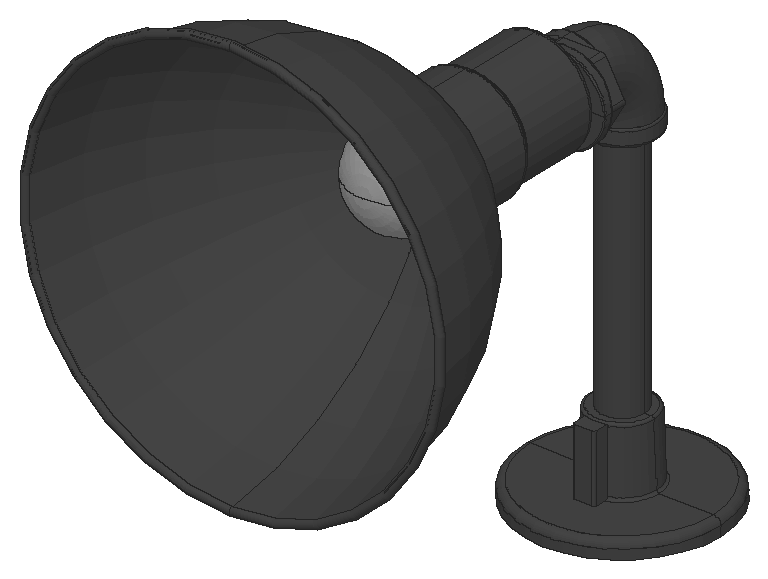
Revit family "BLE-G-DBW-G4-E26", category Lighting Fixtures, host Face, Revit 2022
Family settings
  Host = Face
  Round Connector Dimension = Use Diameter
  Part Type = Normal
  Cut with Voids When Loaded = No
  Light Source = Yes
  Maintain Annotation Orientation = No
  Shared = No
  Room Calculation Point = No
Parameters (values of type "10"")
  Wattage = 5.72229 W
  built-in parameter 1150110 = 1 (stored number, unit not read)
  built-in parameter 1114217 = 1 (stored number, unit not read)
  Tilt Angle = 0.00°
  built-in parameter 1150109 = 1 (stored number, unit not read)
  built-in parameter 1150134 = (empty or 0)
  built-in parameter 1150113 = 1 (stored number, unit not read)
  Gooseneck Material = 100 - Black
  Shade Material = 100 - Black
  Photometric Web File = "generic"
  built-in parameter 1150142 = (empty or 0)
  built-in parameter 1150105 = 67.641 (stored number, unit not read)
  Lumens = 850 lm
  built-in parameter 1150115 = 1 (stored number, unit not read)
  built-in parameter 1150137 = (empty or 0)
  built-in parameter 1150139 = (empty or 0)
  built-in parameter 1150112 = 1 (stored number, unit not read)
  built-in parameter 1150114 = 1 (stored number, unit not read)
  built-in parameter 1150132 = 2
  built-in parameter 1150102 = (empty or 0)
  built-in parameter 1150107 = 3000 (stored number, unit not read)
  built-in parameter 1150138 = (empty or 0)
  built-in parameter 1150106 = 0.67641 (stored number, unit not read)
  24" = no
  built-in parameter 1150104 = 13.8 (stored number, unit not read)
  20" = no
  Dimming Lamp Color Temperature Shift = <None>
  Default Elevation = 4' - 0"
  Color Filter = 16777215
  Base Material = 100 - Black
  built-in parameter 1114218 = 1 (stored number, unit not read)
  built-in parameter 1150133 = 10 (stored number, unit not read)
  16" = no
  14" = no
  12" = no
  10" = yes
Types (7): name | 24" | 20" | 16" | 14" | 12" | 10"
  (no name) | no | no | no | no | no | yes
  12" | no | no | no | no | yes | no
  14" | no | no | no | yes | no | no
  16" | no | no | yes | no | no | no
  10" | no | no | no | no | no | yes
  20" | no | yes | no | no | no | no
  24" | yes | no | no | no | no | no
Reference planes (in)
  plane 1 "Center (Front/Back)": y = 0
  plane 2: z = 0
  plane 3 "Center (Left/Right)": x = 0
Lines and regions (in)
  reference lines
    curve 1: line (0, 32, 0) -> (0, -36, 0)
    curve 2: line (-33.11947, 0, 0) -> (37.88053, 0, 0)
Dimensions and locks (in)
  locked: plane 1 "Center (Front/Back)" to imposter light at 5.75
  aligned and locked: plane 2 to host face
  aligned and locked: level to host face
  aligned and locked: plane 3 "Center (Left/Right)" to nested 1
  aligned and locked: plane 1 "Center (Front/Back)" to nested 1
  aligned and locked: nested 4 to imposter light
  aligned and locked: nested 7 to nested 3
  aligned and locked: imposter light to plane 3 "Center (Left/Right)"
  aligned and locked: plane 1 "Center (Front/Back)" to nested 2
  aligned and locked: imposter light to nested 7
  aligned and locked: nested 6 to plane 3 "Center (Left/Right)"
  aligned and locked: imposter light to nested 3
  aligned and locked: imposter light to nested 2
  aligned and locked: nested 6 to imposter light
  aligned and locked: nested 3 to imposter light
  aligned and locked: nested 5 to imposter light
Nested families (in)
  nested 1: "WBP-7501" at (0, 0, 0), type "WBP-7501"
  nested 2: "G4" at (0, 0, 1.975), type "G4"
  nested 3: "DBW Shade" at (0, -2.46318, 9.663) x (0, 0, -1) z (0, -1, 0), type "VDBW Shade"
    with 24" no, 20" no, 16" no, 14" no, 12" no
  nested 4: "103264" at (0, -3.60156, 9.663) x (0, 0, -1) z (0, -1, 0), type "103264"
    with Heat Sink 9" no
  nested 5: "CPL-0004" at (0.52057, -1.813, 9.663) x (1, 0, 0) z (0, -1, 0), type "CPL-0004"
  nested 6: "E26 Socket Assy" at (0, -2.46318, 9.663) x (0, 0, -1) z (0, -1, 0), type "E26 Socket Assy"
  nested 7: "E26 Bulb" at (0, -4.71817, 9.663) x (1, 0, 0) z (0, -1, 0), type "E26 Bulb"
Connectors (in)
  electrical at (0, 0, 0)
    settings: index 1, voltage 0 V, apparent load 0 VA, apparent load phase1 0 VA, apparent load phase2 0 VA, apparent load phase3 0 VA, power factor 1, load classification "Other", number of poles 1, system type 31, power factor state 1, is connector primary yes, connector utility no, sub classification motor no, connector description ""
Definition of nested family "WBP-7501"
  Parameters (values of type "WBP-7501")
    Default Elevation = 3' - 0"
    Base Material = none
  Reference planes (in)
    plane 1 "Center (Front/Back)": y = 0
    plane 2: z = 0
    plane 3 "Center (Left/Right)": x = 0
    plane 4 "Base Dia": x = -2.325
    plane 5 "Base Height": z = 0.4
    plane 6 "Fillet Radius": z = 0.225
    plane 7: z = 0.458
    plane 8: x = -0.87
    plane 9: x = -0.81
    plane 10: x = -0.76
    plane 11: z = 1.917
    plane 12: z = 1.975
    plane 13: x = -0.7
    plane 14: x = -0.2595
    plane 15: x = 0.2595
    plane 16: y = -1.135
  Forms (in)
    Extrusion 1, solid
      sketch origin (0, 0, 0) x (1, 0, 0) y (0, 1, 0)
        loop
          line (-48, 48) -> (-48, -48) -> (48, -48) -> (48, 48) -> (-48, 48)
      from 0 to -12
    Revolve 2, solid, material <- "Base Material"
      sketch origin (0, 0, 0) x (1, 0, 0) y (0, 0, 1)
        loop
          line (0, 0) -> (0, 1.975) -> (-0.7, 1.975)
          arc (-0.7, 1.975) -> (-0.74172, 1.95814) -> (-0.76, 1.91702) r 0.06003
          line (-0.76, 1.91702) -> (-0.81, 0.458)
          arc (-0.81, 0.458) -> (-0.82699, 0.41699) -> (-0.868, 0.4) r 0.058
          line (-0.868, 0.4) -> (-2.15, 0.4)
          arc (-2.15, 0.4) -> (-2.27374, 0.34874) -> (-2.325, 0.225) r 0.175
          line (-2.325, 0.225) -> (-2.325, 0) -> (0, 0)
        axis (0, 0) -> (0, 1.975)
      angle from 0 to 360
    Extrusion 3, solid, material <- "Base Material"
      sketch origin (0, 0, 0) x (1, 0, 0) y (0, 1, 0)
        loop
          line (-0.2595, -0.76731) -> (-0.2595, -1.075)
          arc (-0.2595, -1.075) -> (-0.24193, -1.11743) -> (-0.1995, -1.135) r 0.06
          line (-0.1995, -1.135) -> (0.1995, -1.135)
          arc (0.1995, -1.135) -> (0.24193, -1.11743) -> (0.2595, -1.075) r 0.06
          line (0.2595, -1.075) -> (0.2595, -0.76731)
          arc (0.2595, -0.76731) -> (0, -0.81) -> (-0.2595, -0.76731) r 0.81
      from 0 to 1.975
  Cuts and joins
    joined: Revolve 2, Extrusion 3
  Dimensions and locks (in)
    plane 4 "Base Dia" to plane 3 "Center (Left/Right)" = 0' - 2.325"
    locked: plane 5 "Base Height" to Extrusion 1 at 0.4
    locked: plane 3 "Center (Left/Right)" to plane 4 "Base Dia" at 2.325
    locked: plane 5 "Base Height" to plane 6 "Fillet Radius" at 0.175
    locked: plane 3 "Center (Left/Right)" to plane 9 at 0.81
    locked: plane 3 "Center (Left/Right)" to plane 8 at 0.87
    locked: plane 3 "Center (Left/Right)" to plane 10 at 0.76
    locked: plane 3 "Center (Left/Right)" to plane 13 at 0.7
    locked: plane 11 to plane 5 "Base Height" at 1.517
    locked: plane 12 to plane 5 "Base Height" at 1.575
    locked: plane 7 to plane 5 "Base Height" at 0.058
    locked: plane 14 to plane 3 "Center (Left/Right)" at 0.2595
    locked: plane 3 "Center (Left/Right)" to plane 15 at 0.2595
    locked: plane 16 to plane 1 "Center (Front/Back)" at 1.135
    radius of Revolve 2 sketch curve = 0' - 0.175"
    aligned and locked: plane 2 to Extrusion 1
    aligned and locked: level to Extrusion 1
    aligned and locked: Revolve 2 sketch curve to plane 5 "Base Height"
    aligned and locked: plane 9 to Revolve 2 sketch curve
    aligned and locked: plane 3 "Center (Left/Right)" to Revolve 2 sketch curve
    aligned and locked: plane 15 to Extrusion 3 sketch curve
    aligned and locked: Extrusion 3 sketch curve to plane 16
    aligned and locked: Extrusion 3 sketch curve to plane 14
  Automatic sketch dimensions
    Extrusion 1 sketch curve to Extrusion 1 sketch curve = 8' - 0"  (x2)
    Revolve 2 sketch curve to level = 0' - 0"
    Revolve 2 sketch curve to plane 4 "Base Dia" = 0' - 0"
    Revolve 2 sketch curve to plane 7 = 0' - 0"  (x2)
    plane 10 to Revolve 2 sketch curve = 0' - 0"
    Revolve 2 sketch curve to plane 12 = 0' - 0"
    Revolve 2 sketch curve to plane 13 = 0' - 0"
    Revolve 2 sketch curve to plane 3 "Center (Left/Right)" = 0' - 0"
    Revolve 2 sketch curve to Revolve 2 sketch curve = 0' - 0.22742"
    Revolve 2 sketch curve to Revolve 2 sketch curve = 0' - 1.76377"
    plane 1 "Center (Front/Back)" to Extrusion 3 sketch curve = 0' - 0"
    Extrusion 3 sketch curve to plane 3 "Center (Left/Right)" = 0' - 0"
    plane 14 to Extrusion 3 sketch curve = 0' - 0.06"
    Extrusion 3 sketch curve to plane 15 = 0' - 0.06"
    Extrusion 3 sketch curve to Extrusion 3 sketch curve = 0' - 0.30769"
Definition of nested family "G4"
  Parameters (values of type "G4")
    Gooseneck Material = none
    Default Elevation = 2' - 0"
  Types (2): name
    G4
    G1
  Reference planes (in)
    plane 1 "Center (Front/Back)": y = 0
    plane 2: z = 0
    plane 3 "Center (Left/Right)": x = 0
    plane 4 "Wood Height": z = 0
    plane 5: z = 7.688
  Forms (in)
    Extrusion 1, solid
      sketch origin (0, 0, 0) x (1, 0, 0) y (0, 1, 0)
        loop
          line (-48, 48) -> (-48, -48) -> (48, -48) -> (48, 48) -> (-48, 48)
      from 0 to -12
  Dimensions and locks (in)
    aligned and locked: plane 2 to Extrusion 1
    aligned and locked: level to Extrusion 1
    aligned and locked: Extrusion 1 to plane 4 "Wood Height"
    aligned and locked: plane 3 "Center (Left/Right)" to nested 1
    aligned and locked: plane 1 "Center (Front/Back)" to nested 1
    aligned and locked: nested 2 to nested 1
    aligned and locked: nested 2 to plane 3 "Center (Left/Right)"
  Nested families (in)
    nested 1: "GNK-7504" at (0, 0, 0), type "GNK-7504"
    nested 2: "APF-750X" at (0, 0, 5.875) x (-1, 0, 0) z (0, 0, 1), type "APF-750X"
  Definition of nested family "GNK-7504"
    Parameters (values of type "GNK-7504")
      Gooseneck Material = none
      Default Elevation = 2' - 0"
    Reference planes (in)
      plane 1 "Center (Front/Back)": y = 0
      plane 2: z = 0
      plane 3 "Center (Left/Right)": x = 0
      plane 4 "Wood Height": z = 0
      plane 5: y = 0.525
      plane 6: z = 5.875
    Forms (in)
      Extrusion 1, solid
        sketch origin (0, 0, 0) x (1, 0, 0) y (0, 1, 0)
          loop
            line (-48, 48) -> (-48, -48) -> (48, -48) -> (48, 48) -> (-48, 48)
        from 0 to -12
      Extrusion 2, solid, material <- "Gooseneck Material"
        sketch origin (0, 0, 0) x (1, 0, 0) y (0, 1, 0)
          loop
            circle (0, 0) r 0.525
        from 0 to 5.875
    Dimensions and locks (in)
      plane 5 to plane 1 "Center (Front/Back)" = 0' - 0.525"  (x2)
      locked: plane 6 to Extrusion 1 at 5.875
      aligned and locked: plane 2 to Extrusion 1
      aligned and locked: level to Extrusion 1
      aligned and locked: Extrusion 1 to plane 4 "Wood Height"
      aligned and locked: Extrusion 2 to Extrusion 1
      aligned and locked: plane 6 to Extrusion 2
  Definition of nested family "APF-750X"
    Parameters (values of type "APF-750X")
      Gooseneck Material = none
      Default Elevation = 2' - 0"
    Reference planes (in)
      plane 1 "Center (Front/Back)": y = 0
      plane 2: z = 0
      plane 3 "Center (Left/Right)": x = 0
      plane 4: z = 0.375
      plane 5: y = 0.8225
      plane 6: y = 1.438
      plane 7: y = 1.813
      plane 8: z = 1.813
      plane 9: z = 0.9905
      plane 10: y = 0.77
    Forms (in)
      Extrusion 1, solid
        sketch origin (0, 0, 0) x (1, 0, 0) y (0, 1, 0)
          loop
            line (-48, 48) -> (-48, -48) -> (48, -48) -> (48, 48) -> (-48, 48)
        from 0 to -12
      Revolve 2, solid, material <- "Gooseneck Material"
        sketch origin (0, 0, 0) x (0, 1, 0) y (0, 0, 1)
          loop
            line (0, 0.375) -> (0, 0) -> (0.7825, 0)
            arc (0.7825, 0) -> (0.81078, 0.01172) -> (0.8225, 0.04) r 0.04
            line (0.8225, 0.04) -> (0.8225, 0.335)
            arc (0.8225, 0.335) -> (0.81078, 0.36328) -> (0.7825, 0.375) r 0.04
            line (0.7825, 0.375) -> (0, 0.375)
          axis (0, 0.375) -> (0, 0)
        angle from 0 to 360
      Revolve 3, solid, material <- "Gooseneck Material"
        sketch origin (0, 0, 0) x (0, 1, 0) y (0, 0, 1)
          loop
            line (1.438, 1.813) -> (1.438, 1.0305)
            arc (1.438, 1.0305) -> (1.44972, 1.00222) -> (1.478, 0.9905) r 0.04
            line (1.478, 0.9905) -> (1.773, 0.9905)
            arc (1.773, 0.9905) -> (1.80128, 1.00222) -> (1.813, 1.0305) r 0.04
            line (1.813, 1.0305) -> (1.813, 1.813) -> (1.438, 1.813)
          axis (1.813, 1.813) -> (1.438, 1.813)
        angle from 0 to 360
      Sweep 4, solid, material <- "Gooseneck Material"
        path origin (0, 0, 0) x (0, 1, 0) y (0, 0, 1)
          loop
            line (0, 0) -> (0, 0.375)
            arc (0, 0.375) -> (0.42118, 1.39182) -> (1.438, 1.813) r 1.438
            line (1.438, 1.813) -> (1.813, 1.813)
        profile origin (0, 0, 0.1875) x (0, -1, 0) y (1, 0, 0)
          loop
            circle (0, 0) r 0.77
    Cuts and joins
      joined: Revolve 2, Revolve 3, Sweep 4
    Dimensions and locks (in)
      locked: plane 5 to plane 1 "Center (Front/Back)" at 0.8225
      locked: plane 4 to Extrusion 1 at 0.375
      locked: plane 7 to plane 6 at 0.375
      locked: plane 6 to plane 1 "Center (Front/Back)" at 1.438
      locked: plane 8 to plane 4 at 1.438
      locked: plane 8 to plane 9 at 0.8225
      plane 10 to plane 1 "Center (Front/Back)" = 0' - 0.77"  (x2)
      radius of Revolve 3 sketch curve = 0' - 0.04"
      aligned and locked: plane 2 to Extrusion 1
      aligned and locked: level to Extrusion 1
      aligned and locked: plane 1 "Center (Front/Back)" to Revolve 2 sketch curve
      aligned and locked: Revolve 3 sketch curve to plane 8
    Automatic sketch dimensions
      Extrusion 1 sketch curve to Extrusion 1 sketch curve = 8' - 0"  (x2)
      Revolve 2 sketch curve to plane 1 "Center (Front/Back)" = 0' - 0"
      Revolve 2 sketch curve to level = 0' - 0"
      Revolve 2 sketch curve to plane 4 = 0' - 0"
      Revolve 2 sketch curve to plane 5 = 0' - 0"
      plane 5 to Revolve 2 sketch curve = 0' - 0.04"
      Revolve 2 sketch curve to Revolve 2 sketch curve = 0' - 0.04"
      Revolve 2 sketch curve to level = 0' - 0.2686"
      plane 4 to Revolve 2 sketch curve = 0' - 0 1/4"
      Revolve 3 sketch curve to plane 5 = 0' - 0"
      Revolve 3 sketch curve to plane 6 = 0' - 0"
      Revolve 3 sketch curve to plane 9 = 0' - 0"
      Revolve 3 sketch curve to plane 7 = 0' - 0"
      Revolve 3 sketch curve to plane 8 = 0' - 0"
      plane 7 to Revolve 3 sketch curve = 0' - 0.04"
      Revolve 3 sketch curve to Revolve 3 sketch curve = 0' - 0.18003"
      Sweep 4 sketch curve to plane 6 = 0' - 0"
      Sweep 4 sketch curve to plane 7 = 0' - 0"
      Sweep 4 sketch curve to level = 0' - 0"
      Sweep 4 sketch curve to plane 4 = 0' - 0"
      Sweep 4 sketch curve to plane 8 = 0' - 0"
      Sweep 4 sketch curve to plane 3 "Center (Left/Right)" = 0' - 0"
      Sweep 4 sketch curve to profile plane = 0' - 0"
      radius of Sweep 4 sketch curve = 0' - 0.77"
Definition of nested family "DBW Shade"
  Parameters (values of type "DBW Shade")
    Shade Material = none
    Default Elevation = 2' - 0"
    24" = yes
    20" = yes
    10" = yes
    16" = yes
    14" = yes
    12" = yes
  Reference planes (in)
    plane 1 "Center (Front/Back)": y = 0
    plane 2: z = 0
    plane 3 "Center (Left/Right)": x = 0
  Forms (in)
    Extrusion 1, solid
      sketch origin (0, 0, 0) x (1, 0, 0) y (0, 1, 0)
        loop
          line (-48, 48) -> (-48, -48) -> (48, -48) -> (48, 48) -> (-48, 48)
      from 0 to -12
  Dimensions and locks (in)
    aligned and locked: plane 2 to Extrusion 1
    aligned and locked: level to Extrusion 1
    aligned and locked: plane 1 "Center (Front/Back)" to nested 1
    aligned and locked: plane 3 "Center (Left/Right)" to nested 1
    aligned and locked: plane 3 "Center (Left/Right)" to nested 2
    aligned and locked: plane 1 "Center (Front/Back)" to nested 2
    aligned and locked: plane 1 "Center (Front/Back)" to nested 3
    aligned and locked: plane 3 "Center (Left/Right)" to nested 3
    aligned and locked: plane 1 "Center (Front/Back)" to nested 4
    aligned and locked: plane 1 "Center (Front/Back)" to nested 5
    aligned and locked: plane 3 "Center (Left/Right)" to nested 5
    aligned and locked: plane 3 "Center (Left/Right)" to nested 6
    aligned and locked: plane 1 "Center (Front/Back)" to nested 6
    aligned and locked: plane 3 "Center (Left/Right)" to nested 4
  Nested families (in)
    nested 1: "SHD-0028" at (0, 0, 0), visible <- "10"", type "SHD-0028"
    nested 2: "SHD-0029" at (0, 0, 0), visible <- "12"", type "SHD-0029"
    nested 3: "SHD-0114" at (0, 0, 0), visible <- "14"", type "SHD-0114"
    nested 4: "SHD-0115" at (0, 0, 0), visible <- "16"", type "SHD-0115"
    nested 5: "SHD-0308" at (0, 0, 0), visible <- "24"", type "SHD-0308"
    nested 6: "SHD-0223" at (0, 0, 0), visible <- "20"", type "SHD-0223"
  Definition of nested family "SHD-0028"
    Parameters (values of type "SHD-0028")
      Shade Material = none
      Default Elevation = 2' - 0"
    Reference planes (in)
      plane 1 "Center (Front/Back)": y = 0
      plane 2: z = 0
      plane 3 "Center (Left/Right)": x = 0
      plane 4 "Wood Height": z = 0
      plane 5 "Nut Radius": x = -1.03713
      plane 6 "Nut Flat": x = -0.861
      plane 7 "Shade Thickness": z = 0.04
      plane 8 "Lower Shade bottom": z = 9.109
      plane 9 "Lower Shade Outer Dia": x = -5
      plane 10 "Shade Top Dia": x = -1.20713
      plane 11 "Shade Middle Radius Height1": z = 1.965
      plane 12 "Shade Lower Diameter1": x = -1.44113
      plane 13 "Shade Top Radius": x = -1.29713
      plane 14 "Shade Middle Radious Height2": z = 2.105
      plane 15 "Shade Middle Radius Diameter2": x = -1.41363
      plane 16 "Lip Height": z = 9.029
      plane 17 "Bowl Start": z = 3.545
      plane 18: x = -4.85
      plane 19: z = 9.069
    Forms (in)
      Extrusion 1, solid
        sketch origin (0, 0, 0) x (1, 0, 0) y (0, 1, 0)
          loop
            line (-48, 48) -> (-48, -48) -> (48, -48) -> (48, 48) -> (-48, 48)
        from 0 to -12
      Revolve 2, solid, material <- "Shade Material"
        sketch origin (0, 0, 0) x (1, 0, 0) y (0, 0, 1)
          loop
            line (0, 0) -> (0, 0.03906) -> (-1.20713, 0.03906)
            arc (-1.20713, 0.03906) -> (-1.24314, 0.05398) -> (-1.25806, 0.09) r 0.05094
            line (-1.25806, 0.09) -> (-1.25806, 1.94384)
            arc (-1.25806, 1.94384) -> (-1.26409, 1.97759) -> (-1.28141, 2.00717) r 0.09757
            line (-1.28141, 2.00717) -> (-1.37456, 2.11635) -> (-1.37456, 3.48096)
            arc (-1.37456, 3.48096) -> (-1.39014, 3.54099) -> (-1.43295, 3.58588) r 0.12347
            arc (-1.43295, 3.58588) -> (-3.7536, 5.90437) -> (-4.80544, 9.01154) r 7.20294
            arc (-4.80544, 9.01154) -> (-4.99326, 9.04214) -> (-4.84504, 8.9228) r 0.09841
            line (-4.84504, 8.9228) -> (-4.86619, 8.95581)
            arc (-4.86619, 8.95581) -> (-4.95809, 9.02506) -> (-4.84432, 9.00777) r 0.05934
            arc (-4.84432, 9.00777) -> (-3.78678, 5.88375) -> (-1.45354, 3.55268) r 7.242
            arc (-1.45354, 3.55268) -> (-1.42428, 3.522) -> (-1.41363, 3.48096) r 0.0844
            line (-1.41363, 3.48096) -> (-1.41363, 2.13147)
            arc (-1.41363, 2.13147) -> (-1.40868, 2.10377) -> (-1.39446, 2.07949) r 0.08009
            line (-1.39446, 2.07949) -> (-1.31112, 1.98181)
            arc (-1.31112, 1.98181) -> (-1.30074, 1.96408) -> (-1.29713, 1.94384) r 0.0585
            line (-1.29713, 1.94384) -> (-1.29713, 0.09)
            arc (-1.29713, 0.09) -> (-1.27077, 0.02636) -> (-1.20713, 0) r 0.09
            line (-1.20713, 0) -> (0, 0)
          axis (0, 9.01154) -> (0, 0)
        angle from 0 to 360
    Dimensions and locks (in)
      locked: plane 6 "Nut Flat" to plane 3 "Center (Left/Right)" at 0.861
      locked: plane 7 "Shade Thickness" to plane 4 "Wood Height" at 0.04
      locked: plane 3 "Center (Left/Right)" to plane 9 "Lower Shade Outer Dia" at 5
      locked: plane 11 "Shade Middle Radius Height1" to plane 4 "Wood Height" at 1.965
      locked: plane 14 "Shade Middle Radious Height2" to plane 4 "Wood Height" at 2.105
      locked: plane 8 "Lower Shade bottom" to plane 16 "Lip Height" at 0.08
      locked: plane 17 "Bowl Start" to plane 4 "Wood Height" at 3.545
      locked: plane 18 to plane 9 "Lower Shade Outer Dia" at 0.15
      locked: plane 8 "Lower Shade bottom" to plane 19 at 0.04
      locked: plane 8 "Lower Shade bottom" to plane 4 "Wood Height" at 9.109
      aligned and locked: plane 2 to Extrusion 1
      aligned and locked: level to Extrusion 1
      aligned and locked: plane 4 "Wood Height" to Revolve 2 sketch curve
      aligned and locked: plane 10 "Shade Top Dia" to Revolve 2 sketch curve
      aligned and locked: Revolve 2 sketch curve to plane 15 "Shade Middle Radius Diameter2"
      aligned and locked: Revolve 2 sketch curve to plane 13 "Shade Top Radius"
      aligned and locked: Extrusion 1 to plane 4 "Wood Height"
    Automatic sketch dimensions
      Extrusion 1 sketch curve to Extrusion 1 sketch curve = 8' - 0"  (x2)
      Revolve 2 sketch curve to Revolve 2 sketch curve = 0' - 0"  (x12)
      Revolve 2 sketch curve to plane 3 "Center (Left/Right)" = 0' - 0"  (x2)
      plane 18 to Revolve 2 sketch curve = 0' - 0.00496"
      Revolve 2 sketch curve to plane 18 = 0' - 0.01619"
      plane 15 "Shade Middle Radius Diameter2" to Revolve 2 sketch curve = 0' - 0.01916"
      plane 14 "Shade Middle Radious Height2" to Revolve 2 sketch curve = 0' - 0.01135"
      plane 15 "Shade Middle Radius Diameter2" to Revolve 2 sketch curve = 0' - 0 5/128"
      Revolve 2 sketch curve to plane 11 "Shade Middle Radius Height1" = 0' - 0.02116"
      plane 15 "Shade Middle Radius Diameter2" to Revolve 2 sketch curve = 0' - 0.058"
      plane 14 "Shade Middle Radious Height2" to Revolve 2 sketch curve = 0' - 0.02647"
      Revolve 2 sketch curve to plane 13 "Shade Top Radius" = 0' - 0.01572"
      Revolve 2 sketch curve to Revolve 2 sketch curve = 0' - 0 5/128"
      Revolve 2 sketch curve to plane 17 "Bowl Start" = 0' - 0.06404"
      plane 18 to Revolve 2 sketch curve = 0' - 0.00568"
      plane 17 "Bowl Start" to Revolve 2 sketch curve = 0' - 0.15101"
      Revolve 2 sketch curve to Revolve 2 sketch curve = 0' - 2.15863"
      Revolve 2 sketch curve to plane 12 "Shade Lower Diameter1" = 0' - 0.00818"
      Revolve 2 sketch curve to Revolve 2 sketch curve = 0' - 0.03888"  (x2)
      Revolve 2 sketch curve to Revolve 2 sketch curve = 0' - 0.03301"
      Revolve 2 sketch curve to Revolve 2 sketch curve = 0' - 0.02059"
      Revolve 2 sketch curve to Revolve 2 sketch curve = 0' - 0.03319"
  Definition of nested family "SHD-0029"
    Parameters (values of type "SHD-0029")
      Shade Material = none
      Default Elevation = 2' - 0"
    Reference planes (in)
      plane 1 "Center (Front/Back)": y = 0
      plane 2: z = 0
      plane 3 "Center (Left/Right)": x = 0
      plane 4 "Wood Height": z = 0
      plane 5 "Nut Radius": x = -1.03713
      plane 6 "Nut Flat": x = -0.861
      plane 7 "Shade Thickness": z = 0.04
      plane 8 "Shade Top Dia": x = -1.20713
      plane 9 "Shade Middle Radius Height1": z = 1.965
      plane 10 "Shade Lower Diameter1": x = -1.44113
      plane 11 "Shade Top Radius": x = -1.29713
      plane 12 "Shade Middle Radious Height2": z = 2.105
      plane 13 "Shade Middle Radius Diameter2": x = -1.41363
      plane 14 "Bowl Start": z = 3.545
    Forms (in)
      Extrusion 1, solid
        sketch origin (0, 0, 0) x (1, 0, 0) y (0, 1, 0)
          loop
            line (-48, 48) -> (-48, -48) -> (48, -48) -> (48, 48) -> (-48, 48)
        from 0 to -12
      Revolve 2, solid, material <- "Shade Material"
        sketch origin (0, 0, 0) x (1, 0, 0) y (0, 0, 1)
          loop
            line (0, 0) -> (0, 0.03906) -> (-1.20713, 0.03906)
            arc (-1.20713, 0.03906) -> (-1.24314, 0.05398) -> (-1.25806, 0.09) r 0.05094
            line (-1.25806, 0.09) -> (-1.25806, 1.94384)
            arc (-1.25806, 1.94384) -> (-1.26409, 1.97759) -> (-1.28141, 2.00717) r 0.09757
            line (-1.28141, 2.00717) -> (-1.37456, 2.11635) -> (-1.37456, 3.49488)
            arc (-1.37456, 3.49488) -> (-1.3856, 3.54027) -> (-1.41623, 3.57553) r 0.09889
            arc (-1.41623, 3.57553) -> (-4.2546, 6.22323) -> (-5.80711, 9.7808) r 9.56481
            arc (-5.80711, 9.7808) -> (-5.99536, 9.79563) -> (-5.84506, 9.68132) r 0.09841
            line (-5.84506, 9.68132) -> (-5.86621, 9.71432)
            arc (-5.86621, 9.71432) -> (-5.9593, 9.78052) -> (-5.84534, 9.77276) r 0.05934
            arc (-5.84534, 9.77276) -> (-4.28694, 6.2013) -> (-1.43786, 3.54296) r 9.60387
            arc (-1.43786, 3.54296) -> (-1.42003, 3.5218) -> (-1.41363, 3.49488) r 0.05982
            line (-1.41363, 3.49488) -> (-1.41363, 2.13147)
            arc (-1.41363, 2.13147) -> (-1.40868, 2.10377) -> (-1.39446, 2.07949) r 0.08009
            line (-1.39446, 2.07949) -> (-1.31112, 1.98181)
            arc (-1.31112, 1.98181) -> (-1.30074, 1.96408) -> (-1.29713, 1.94384) r 0.0585
            line (-1.29713, 1.94384) -> (-1.29713, 0.09)
            arc (-1.29713, 0.09) -> (-1.27077, 0.02636) -> (-1.20713, 0) r 0.09
            line (-1.20713, 0) -> (0, 0)
          axis (0, 9.7808) -> (0, 0)
        angle from 0 to 360
    Dimensions and locks (in)
      locked: plane 6 "Nut Flat" to plane 3 "Center (Left/Right)" at 0.861
      locked: plane 7 "Shade Thickness" to plane 4 "Wood Height" at 0.04
      locked: plane 9 "Shade Middle Radius Height1" to plane 4 "Wood Height" at 1.965
      locked: plane 12 "Shade Middle Radious Height2" to plane 4 "Wood Height" at 2.105
      locked: plane 14 "Bowl Start" to plane 4 "Wood Height" at 3.545
      aligned and locked: plane 2 to Extrusion 1
      aligned and locked: level to Extrusion 1
      aligned and locked: plane 4 "Wood Height" to Revolve 2 sketch curve
      aligned and locked: plane 8 "Shade Top Dia" to Revolve 2 sketch curve
      aligned and locked: Revolve 2 sketch curve to plane 13 "Shade Middle Radius Diameter2"
      aligned and locked: Revolve 2 sketch curve to plane 11 "Shade Top Radius"
      aligned and locked: Extrusion 1 to plane 4 "Wood Height"
    Automatic sketch dimensions
      Extrusion 1 sketch curve to Extrusion 1 sketch curve = 8' - 0"  (x2)
      Revolve 2 sketch curve to Revolve 2 sketch curve = 0' - 0"  (x15)
      Revolve 2 sketch curve to plane 3 "Center (Left/Right)" = 0' - 0"  (x2)
      plane 10 "Shade Lower Diameter1" to Revolve 2 sketch curve = 0' - 0.03232"
      Revolve 2 sketch curve to Revolve 2 sketch curve = 0' - 0.02115"
      Revolve 2 sketch curve to Revolve 2 sketch curve = 0' - 0.0372"
      plane 13 "Shade Middle Radius Diameter2" to Revolve 2 sketch curve = 0' - 0.01916"
      plane 12 "Shade Middle Radious Height2" to Revolve 2 sketch curve = 0' - 0.01135"
      plane 13 "Shade Middle Radius Diameter2" to Revolve 2 sketch curve = 0' - 0 5/128"
      Revolve 2 sketch curve to plane 9 "Shade Middle Radius Height1" = 0' - 0.02116"
      plane 13 "Shade Middle Radius Diameter2" to Revolve 2 sketch curve = 0' - 0.058"
      plane 12 "Shade Middle Radious Height2" to Revolve 2 sketch curve = 0' - 0.02647"
      Revolve 2 sketch curve to plane 11 "Shade Top Radius" = 0' - 0.01572"
      Revolve 2 sketch curve to Revolve 2 sketch curve = 0' - 0 5/128"
      Revolve 2 sketch curve to plane 14 "Bowl Start" = 0' - 0.05012"
      Revolve 2 sketch curve to Revolve 2 sketch curve = 0' - 0.03301"
      Revolve 2 sketch curve to Revolve 2 sketch curve = 0' - 0.04623"
      Revolve 2 sketch curve to plane 13 "Shade Middle Radius Diameter2" = 0' - 0.00261"
      Revolve 2 sketch curve to plane 14 "Bowl Start" = 0' - 0.00204"
      plane 14 "Bowl Start" to Revolve 2 sketch curve = 0' - 0.15101"
      Revolve 2 sketch curve to Revolve 2 sketch curve = 0' - 2.15863"
      plane 10 "Shade Lower Diameter1" to Revolve 2 sketch curve = 0' - 4.40394"
      plane 3 "Center (Left/Right)" to Revolve 2 sketch curve = 0' - 3.5532"
      plane 14 "Bowl Start" to Revolve 2 sketch curve = 0' - 6.13632"
  Definition of nested family "SHD-0114"
    Parameters (values of type "SHD-0114")
      Shade Material = none
      Default Elevation = 2' - 0"
    Reference planes (in)
      plane 1 "Center (Front/Back)": y = 0
      plane 2: z = 0
      plane 3 "Center (Left/Right)": x = 0
      plane 4 "Wood Height": z = 0
    Forms (in)
      Extrusion 1, solid
        sketch origin (0, 0, 0) x (1, 0, 0) y (0, 1, 0)
          loop
            line (-48, 48) -> (-48, -48) -> (48, -48) -> (48, 48) -> (-48, 48)
        from 0 to -12
      Revolve 2, solid, material <- "Shade Material"
        sketch origin (0, 0, 0) x (1, 0, 0) y (0, 0, 1)
          loop
            line (0, 0) -> (0, 0.03906) -> (-1.45545, 0.03906)
            arc (-1.45545, 0.03906) -> (-1.49164, 0.05405) -> (-1.50663, 0.09025) r 0.05119
            line (-1.50663, 0.09025) -> (-1.50663, 2.07228)
            arc (-1.50663, 2.07228) -> (-1.51325, 2.1034) -> (-1.53194, 2.12913) r 0.0765
            line (-1.53194, 2.12913) -> (-1.59895, 2.18946)
            arc (-1.59895, 2.18946) -> (-1.61737, 2.21483) -> (-1.62389, 2.24549) r 0.07539
            line (-1.62389, 2.24549) -> (-1.62389, 3.76049)
            arc (-1.62389, 3.76049) -> (-1.63985, 3.81863) -> (-1.68326, 3.86047) r 0.11386
            arc (-1.68326, 3.86047) -> (-5.12462, 6.95788) -> (-6.79993, 11.27416) r 9.99002
            arc (-6.79993, 11.27416) -> (-6.99505, 11.29998) -> (-6.84047, 11.17815) r 0.10205
            line (-6.84047, 11.17815) -> (-6.86365, 11.20959)
            arc (-6.86365, 11.20959) -> (-6.95906, 11.28479) -> (-6.83863, 11.26885) r 0.06299
            arc (-6.83863, 11.26885) -> (-5.15677, 6.93569) -> (-1.70196, 3.82617) r 10.02909
            arc (-1.70196, 3.82617) -> (-1.67344, 3.79868) -> (-1.66295, 3.76049) r 0.07479
            line (-1.66295, 3.76049) -> (-1.66295, 2.24549)
            arc (-1.66295, 2.24549) -> (-1.65306, 2.19894) -> (-1.62508, 2.16043) r 0.11445
            line (-1.62508, 2.16043) -> (-1.55808, 2.1001)
            arc (-1.55808, 2.1001) -> (-1.54893, 2.08751) -> (-1.54569, 2.07228) r 0.03743
            line (-1.54569, 2.07228) -> (-1.54569, 0.09025)
            arc (-1.54569, 0.09025) -> (-1.51926, 0.02643) -> (-1.45545, 0) r 0.09025
            line (-1.45545, 0) -> (0, 0)
          axis (0, 11.27416) -> (0, 0)
        angle from 0 to 360
    Dimensions and locks (in)
      aligned and locked: plane 2 to Extrusion 1
      aligned and locked: level to Extrusion 1
      aligned and locked: Extrusion 1 to plane 4 "Wood Height"
    Automatic sketch dimensions
      Extrusion 1 sketch curve to Extrusion 1 sketch curve = 8' - 0"  (x2)
      Revolve 2 sketch curve to Revolve 2 sketch curve = 0' - 0"  (x25)
      Revolve 2 sketch curve to level = 0' - 0"
      Revolve 2 sketch curve to plane 3 "Center (Left/Right)" = 0' - 0"  (x2)
      Revolve 2 sketch curve to Revolve 2 sketch curve = 0' - 0.01239"
      Revolve 2 sketch curve to Revolve 2 sketch curve = 0' - 0.07479"
      Revolve 2 sketch curve to Revolve 2 sketch curve = 0' - 0.02318"
      Revolve 2 sketch curve to Revolve 2 sketch curve = 0' - 0.03738"
      Revolve 2 sketch curve to Revolve 2 sketch curve = 0' - 0.03144"
      Revolve 2 sketch curve to Revolve 2 sketch curve = 0' - 0.0507"
      Revolve 2 sketch curve to Revolve 2 sketch curve = 0' - 0.01869"  (x2)
      Revolve 2 sketch curve to Revolve 2 sketch curve = 0' - 2.15863"
      plane 3 "Center (Left/Right)" to Revolve 2 sketch curve = 0' - 3.09734"
      Revolve 2 sketch curve to Revolve 2 sketch curve = 0' - 0.02614"
      Revolve 2 sketch curve to Revolve 2 sketch curve = 0' - 0 5/128"  (x2)
      Revolve 2 sketch curve to Revolve 2 sketch curve = 0' - 1.45545"
      Revolve 2 sketch curve to Revolve 2 sketch curve = 0' - 0.05119"
      Revolve 2 sketch curve to Revolve 2 sketch curve = 0' - 0.02531"
      Revolve 2 sketch curve to Revolve 2 sketch curve = 0' - 0.01656"
      Revolve 2 sketch curve to Revolve 2 sketch curve = 0' - 0.02505"
      Revolve 2 sketch curve to Revolve 2 sketch curve = 0' - 0.05045"
      Revolve 2 sketch curve to plane 3 "Center (Left/Right)" = 0' - 6.84047"
      Revolve 2 sketch curve to Revolve 2 sketch curve = 0' - 1.98204"
      Revolve 2 sketch curve to Revolve 2 sketch curve = 0' - 1.515"
      Revolve 2 sketch curve to Revolve 2 sketch curve = 0' - 7.41765"
      Revolve 2 sketch curve to Revolve 2 sketch curve = 0' - 0.06448"
  Definition of nested family "SHD-0115"
    Parameters (values of type "SHD-0115")
      Shade Material = none
      Default Elevation = 2' - 0"
    Reference planes (in)
      plane 1 "Center (Front/Back)": y = 0
      plane 2: z = 0
      plane 3 "Center (Left/Right)": x = 0
      plane 4 "Wood Height": z = 0
    Forms (in)
      Extrusion 1, solid
        sketch origin (0, 0, 0) x (1, 0, 0) y (0, 1, 0)
          loop
            line (-48, 48) -> (-48, -48) -> (48, -48) -> (48, 48) -> (-48, 48)
        from 0 to -12
      Revolve 2, solid, material <- "Shade Material"
        sketch origin (0, 0, 0) x (1, 0, 0) y (0, 0, 1)
          loop
            line (0, 0) -> (0, 0.03906) -> (-1.45545, 0.03906)
            arc (-1.45545, 0.03906) -> (-1.49164, 0.05405) -> (-1.50663, 0.09025) r 0.05119
            line (-1.50663, 0.09025) -> (-1.50663, 2.07228)
            arc (-1.50663, 2.07228) -> (-1.51325, 2.1034) -> (-1.53194, 2.12913) r 0.0765
            line (-1.53194, 2.12913) -> (-1.59895, 2.18946)
            arc (-1.59895, 2.18946) -> (-1.61737, 2.21483) -> (-1.62389, 2.24549) r 0.07539
            line (-1.62389, 2.24549) -> (-1.62389, 3.76049)
            arc (-1.62389, 3.76049) -> (-1.64115, 3.82076) -> (-1.6877, 3.86276) r 0.11386
            arc (-1.6877, 3.86276) -> (-5.9143, 7.51176) -> (-7.79992, 12.76759) r 10.98102
            arc (-7.79992, 12.76759) -> (-7.99459, 12.80067) -> (-7.84102, 12.67655) r 0.10205
            line (-7.84102, 12.67655) -> (-7.8642, 12.70799)
            arc (-7.8642, 12.70799) -> (-7.95899, 12.7846) -> (-7.83883, 12.76418) r 0.06299
            arc (-7.83883, 12.76418) -> (-5.94651, 7.48965) -> (-1.70487, 3.82767) r 11.02008
            arc (-1.70487, 3.82767) -> (-1.67429, 3.80009) -> (-1.66295, 3.76049) r 0.07479
            line (-1.66295, 3.76049) -> (-1.66295, 2.24549)
            arc (-1.66295, 2.24549) -> (-1.65306, 2.19894) -> (-1.62508, 2.16043) r 0.11445
            line (-1.62508, 2.16043) -> (-1.55808, 2.1001)
            arc (-1.55808, 2.1001) -> (-1.54893, 2.08751) -> (-1.54569, 2.07228) r 0.03743
            line (-1.54569, 2.07228) -> (-1.54569, 0.09025)
            arc (-1.54569, 0.09025) -> (-1.51926, 0.02643) -> (-1.45545, 0) r 0.09025
            line (-1.45545, 0) -> (0, 0)
          axis (0, 12.76759) -> (0, 0)
        angle from 0 to 360
    Dimensions and locks (in)
      aligned and locked: plane 2 to Extrusion 1
      aligned and locked: level to Extrusion 1
      aligned and locked: Extrusion 1 to plane 4 "Wood Height"
    Automatic sketch dimensions
      Extrusion 1 sketch curve to Extrusion 1 sketch curve = 8' - 0"  (x2)
      Revolve 2 sketch curve to Revolve 2 sketch curve = 0' - 0"  (x16)
      Revolve 2 sketch curve to level = 0' - 0"
      Revolve 2 sketch curve to plane 3 "Center (Left/Right)" = 0' - 0"  (x2)
      Revolve 2 sketch curve to Revolve 2 sketch curve = 0' - 1.45545"
      Revolve 2 sketch curve to plane 3 "Center (Left/Right)" = 0' - 1.50663"
      Revolve 2 sketch curve to Revolve 2 sketch curve = 0' - 0.02531"
      Revolve 2 sketch curve to Revolve 2 sketch curve = 0' - 0 5/128"
      Revolve 2 sketch curve to Revolve 2 sketch curve = 0' - 0.01656"
      Revolve 2 sketch curve to Revolve 2 sketch curve = 0' - 0.01239"
      Revolve 2 sketch curve to Revolve 2 sketch curve = 0' - 0.02505"
      Revolve 2 sketch curve to Revolve 2 sketch curve = 0' - 0.05045"
      Revolve 2 sketch curve to Revolve 2 sketch curve = 0' - 0.02494"
      Revolve 2 sketch curve to Revolve 2 sketch curve = 0' - 0.02614"
      Revolve 2 sketch curve to Revolve 2 sketch curve = 0' - 0.07479"
      Revolve 2 sketch curve to Revolve 2 sketch curve = 0' - 0.02318"
      Revolve 2 sketch curve to Revolve 2 sketch curve = 0' - 0.03738"
      plane 3 "Center (Left/Right)" to Revolve 2 sketch curve = 0' - 3.13919"
      Revolve 2 sketch curve to Revolve 2 sketch curve = 0' - 1.98204"
      Revolve 2 sketch curve to Revolve 2 sketch curve = 0' - 1.515"
      Revolve 2 sketch curve to Revolve 2 sketch curve = 0' - 0.03144"
      Revolve 2 sketch curve to Revolve 2 sketch curve = 0' - 0.0507"
      Revolve 2 sketch curve to Revolve 2 sketch curve = 0' - 1.04947"
      Revolve 2 sketch curve to Revolve 2 sketch curve = 0' - 0.03891"
      Revolve 2 sketch curve to Revolve 2 sketch curve = 0' - 0.06448"
      Revolve 2 sketch curve to Revolve 2 sketch curve = 0' - 2.15863"
  Definition of nested family "SHD-0308"
    Parameters (values of type "SHD-0308")
      Shade Material = none
      Default Elevation = 2' - 0"
    Reference planes (in)
      plane 1 "Center (Front/Back)": y = 0
      plane 2: z = 0
      plane 3 "Center (Left/Right)": x = 0
      plane 4 "Wood Height": z = 0
    Forms (in)
      Extrusion 1, solid
        sketch origin (0, 0, 0) x (1, 0, 0) y (0, 1, 0)
          loop
            line (-48, 48) -> (-48, -48) -> (48, -48) -> (48, 48) -> (-48, 48)
        from 0 to -12
      Revolve 2, solid, material <- "Shade Material"
        sketch origin (0, 0, 0) x (1, 0, 0) y (0, 0, 1)
          loop
            line (0, 0) -> (0, 0.03906) -> (-2.22237, 0.03906)
            arc (-2.22237, 0.03906) -> (-2.2742, 0.06053) -> (-2.29567, 0.11236) r 0.0733
            line (-2.29567, 0.11236) -> (-2.29567, 3.09806)
            arc (-2.29567, 3.09806) -> (-2.30835, 3.16758) -> (-2.34475, 3.22814) r 0.19691
            line (-2.34475, 3.22814) -> (-2.42725, 3.32189)
            arc (-2.42725, 3.32189) -> (-2.46224, 3.38009) -> (-2.47442, 3.4469) r 0.18923
            line (-2.47442, 3.4469) -> (-2.47442, 5.72055)
            arc (-2.47442, 5.72055) -> (-2.4994, 5.80773) -> (-2.56677, 5.86845) r 0.16462
            arc (-2.56677, 5.86845) -> (-9.0535, 11.47959) -> (-11.91654, 19.56448) r 16.76616
            arc (-11.91654, 19.56448) -> (-11.93143, 19.59499) -> (-11.96306, 19.60734) r 0.04667
            line (-11.96306, 19.60734) -> (-12.00319, 19.60734)
            arc (-12.00319, 19.60734) -> (-12.07667, 19.53386) -> (-12.00319, 19.46037) r 0.07348
            line (-12.00319, 19.46037) -> (-11.96309, 19.46037) -> (-11.96309, 19.49944) -> (-12.00319, 19.49944)
            arc (-12.00319, 19.49944) -> (-12.03761, 19.53386) -> (-12.00319, 19.56828) r 0.03442
            line (-12.00319, 19.56828) -> (-11.95604, 19.56828)
            arc (-11.95604, 19.56828) -> (-9.08774, 11.46046) -> (-2.58392, 5.83336) r 16.80523
            arc (-2.58392, 5.83336) -> (-2.53254, 5.78704) -> (-2.51348, 5.72055) r 0.12556
            line (-2.51348, 5.72055) -> (-2.51348, 3.4469)
            arc (-2.51348, 3.4469) -> (-2.49878, 3.3663) -> (-2.45658, 3.29609) r 0.22829
            line (-2.45658, 3.29609) -> (-2.37408, 3.20234)
            arc (-2.37408, 3.20234) -> (-2.34489, 3.15379) -> (-2.33473, 3.09806) r 0.15785
            line (-2.33473, 3.09806) -> (-2.33473, 0.11236)
            arc (-2.33473, 0.11236) -> (-2.30182, 0.03291) -> (-2.22237, 0) r 0.11236
            line (-2.22237, 0) -> (0, 0)
          axis (0, 19.60734) -> (0, 0)
        angle from 0 to 360
    Dimensions and locks (in)
      aligned and locked: plane 2 to Extrusion 1
      aligned and locked: level to Extrusion 1
      aligned and locked: Extrusion 1 to plane 4 "Wood Height"
    Automatic sketch dimensions
      Extrusion 1 sketch curve to Extrusion 1 sketch curve = 8' - 0"  (x2)
      Revolve 2 sketch curve to Revolve 2 sketch curve = 0' - 0"  (x24)
      Revolve 2 sketch curve to level = 0' - 0"
      Revolve 2 sketch curve to plane 3 "Center (Left/Right)" = 0' - 0"  (x2)
      Revolve 2 sketch curve to Revolve 2 sketch curve = 0' - 0.01047"
      Revolve 2 sketch curve to Revolve 2 sketch curve = 0' - 0.01002"
      Revolve 2 sketch curve to Revolve 2 sketch curve = 0' - 0.02933"  (x2)
      Revolve 2 sketch curve to Revolve 2 sketch curve = 0' - 0.04717"
      Revolve 2 sketch curve to Revolve 2 sketch curve = 0' - 0.12556"
      Revolve 2 sketch curve to Revolve 2 sketch curve = 0' - 0.00701"
      Revolve 2 sketch curve to Revolve 2 sketch curve = 0' - 0.00004"
      Revolve 2 sketch curve to Revolve 2 sketch curve = 0' - 0.04013"
      plane 3 "Center (Left/Right)" to Revolve 2 sketch curve = 0' - 4.79372"
      Revolve 2 sketch curve to Revolve 2 sketch curve = 0' - 0 5/128"  (x2)
      Revolve 2 sketch curve to Revolve 2 sketch curve = 0' - 2.9857"
      Revolve 2 sketch curve to Revolve 2 sketch curve = 0' - 2.27365"
      Revolve 2 sketch curve to Revolve 2 sketch curve = 0' - 0.03442"
      Revolve 2 sketch curve to Revolve 2 sketch curve = 0' - 0.00761"
      Revolve 2 sketch curve to Revolve 2 sketch curve = 0' - 0.24911"
      Revolve 2 sketch curve to Revolve 2 sketch curve = 0' - 2.15863"
      Revolve 2 sketch curve to Revolve 2 sketch curve = 0' - 2.22237"
      Revolve 2 sketch curve to plane 3 "Center (Left/Right)" = 0' - 2.28519"
      Revolve 2 sketch curve to plane 3 "Center (Left/Right)" = 0' - 11.95604"
      Revolve 2 sketch curve to Revolve 2 sketch curve = 1' - 1.73983"
      Revolve 2 sketch curve to Revolve 2 sketch curve = 1' - 3.07792"
  Definition of nested family "SHD-0223"
    Parameters (values of type "SHD-0223")
      Shade Material = none
      Default Elevation = 2' - 0"
    Reference planes (in)
      plane 1 "Center (Front/Back)": y = 0
      plane 2: z = 0
      plane 3 "Center (Left/Right)": x = 0
      plane 4 "Wood Height": z = 0
    Forms (in)
      Extrusion 1, solid
        sketch origin (0, 0, 0) x (1, 0, 0) y (0, 1, 0)
          loop
            line (-48, 48) -> (-48, -48) -> (48, -48) -> (48, 48) -> (-48, 48)
        from 0 to -12
      Revolve 2, solid, material <- "Shade Material"
        sketch origin (0, 0, 0) x (1, 0, 0) y (0, 0, 1)
          loop
            line (0, 0) -> (0, 0.03906) -> (-1.8485, 0.03906)
            arc (-1.8485, 0.03906) -> (-1.88896, 0.05582) -> (-1.90572, 0.09628) r 0.05722
            line (-1.90572, 0.09628) -> (-1.90572, 2.57881)
            arc (-1.90572, 2.57881) -> (-1.9168, 2.64011) -> (-1.94865, 2.69364) r 0.17504
            line (-1.94865, 2.69364) -> (-2.01787, 2.77327)
            arc (-2.01787, 2.77327) -> (-2.04498, 2.81883) -> (-2.05441, 2.871) r 0.14898
            line (-2.05441, 2.871) -> (-2.05441, 4.7663)
            arc (-2.05441, 4.7663) -> (-2.07634, 4.84285) -> (-2.13548, 4.89618) r 0.14458
            arc (-2.13548, 4.89618) -> (-7.53748, 9.56968) -> (-9.92412, 16.30223) r 13.97395
            arc (-9.92412, 16.30223) -> (-9.93712, 16.32887) -> (-9.96474, 16.33964) r 0.04076
            line (-9.96474, 16.33964) -> (-10.00281, 16.33964)
            arc (-10.00281, 16.33964) -> (-10.06432, 16.27814) -> (-10.00281, 16.21663) r 0.06151
            line (-10.00281, 16.21663) -> (-9.96563, 16.21663) -> (-9.96563, 16.25569) -> (-10.00281, 16.25569)
            arc (-10.00281, 16.25569) -> (-10.02526, 16.27814) -> (-10.00281, 16.30058) r 0.02244
            line (-10.00281, 16.30058) -> (-9.96317, 16.30058)
            arc (-9.96317, 16.30058) -> (-7.57018, 9.5483) -> (-2.15264, 4.86109) r 14.01301
            arc (-2.15264, 4.86109) -> (-2.10948, 4.82217) -> (-2.09348, 4.7663) r 0.10551
            line (-2.09348, 4.7663) -> (-2.09348, 2.871)
            arc (-2.09348, 2.871) -> (-2.08157, 2.80515) -> (-2.04735, 2.74764) r 0.18804
            line (-2.04735, 2.74764) -> (-1.97814, 2.66801)
            arc (-1.97814, 2.66801) -> (-1.95339, 2.62643) -> (-1.94478, 2.57881) r 0.13598
            line (-1.94478, 2.57881) -> (-1.94478, 0.09628)
            arc (-1.94478, 0.09628) -> (-1.91658, 0.0282) -> (-1.8485, 0) r 0.09628
            line (-1.8485, 0) -> (0, 0)
          axis (0, 16.33964) -> (0, 0)
        angle from 0 to 360
    Dimensions and locks (in)
      aligned and locked: plane 2 to Extrusion 1
      aligned and locked: level to Extrusion 1
      aligned and locked: Extrusion 1 to plane 4 "Wood Height"
    Automatic sketch dimensions
      Extrusion 1 sketch curve to Extrusion 1 sketch curve = 8' - 0"  (x2)
      Revolve 2 sketch curve to Revolve 2 sketch curve = 0' - 0"  (x24)
      Revolve 2 sketch curve to level = 0' - 0"
      Revolve 2 sketch curve to plane 3 "Center (Left/Right)" = 0' - 0"  (x2)
      Revolve 2 sketch curve to Revolve 2 sketch curve = 0' - 0.05722"
      Revolve 2 sketch curve to Revolve 2 sketch curve = 0' - 0.00387"
      Revolve 2 sketch curve to Revolve 2 sketch curve = 0' - 0.02948"  (x2)
      Revolve 2 sketch curve to Revolve 2 sketch curve = 0' - 0.06922"
      Revolve 2 sketch curve to Revolve 2 sketch curve = 0' - 0.10551"
      Revolve 2 sketch curve to Revolve 2 sketch curve = 0' - 0.00156"
      Revolve 2 sketch curve to Revolve 2 sketch curve = 0' - 0.0009"
      Revolve 2 sketch curve to Revolve 2 sketch curve = 0' - 0.03807"
      plane 3 "Center (Left/Right)" to Revolve 2 sketch curve = 0' - 4.00263"
      Revolve 2 sketch curve to Revolve 2 sketch curve = 0' - 0 5/128"  (x2)
      Revolve 2 sketch curve to Revolve 2 sketch curve = 0' - 0.02244"
      Revolve 2 sketch curve to Revolve 2 sketch curve = 0' - 0.0017"
      Revolve 2 sketch curve to Revolve 2 sketch curve = 0' - 2.15863"
      Revolve 2 sketch curve to Revolve 2 sketch curve = 0' - 11.59521"
      Revolve 2 sketch curve to Revolve 2 sketch curve = 0' - 1.8485"
      Revolve 2 sketch curve to Revolve 2 sketch curve = 0' - 0.00028"
      Revolve 2 sketch curve to plane 3 "Center (Left/Right)" = 0' - 9.96317"
      Revolve 2 sketch curve to Revolve 2 sketch curve = 0' - 2.48252"
      Revolve 2 sketch curve to Revolve 2 sketch curve = 0' - 1.89529"
      Revolve 2 sketch curve to Revolve 2 sketch curve = 0' - 11.45033"
      Revolve 2 sketch curve to Revolve 2 sketch curve = 0' - 1.11021"
Definition of nested family "CPL-0004"
  Parameters (values of type "CPL-0004")
    Coupler Material = none
    Default Elevation = 2' - 0"
  Reference planes (in)
    plane 1 "Center (Front/Back)": y = 0
    plane 2: z = 0
    plane 3 "Center (Left/Right)": x = 0
    plane 4 "Wood Height": z = 0
    plane 5: y = 0.875
    plane 6: z = 0.4
  Forms (in)
    Extrusion 1, solid
      sketch origin (0, 0, 0) x (1, 0, 0) y (0, 1, 0)
        loop
          line (-48, 48) -> (-48, -48) -> (48, -48) -> (48, 48) -> (-48, 48)
      from 0 to -12
    Extrusion 2, solid, material <- "Coupler Material"
      sketch origin (0, 0, 0) x (1, 0, 0) y (0, 1, 0)
        loop
          line (-0.54127, 0.8125) -> (-0.97428, 0.0625)
          arc (-0.97428, 0.0625) -> (-0.99103, 0) -> (-0.97428, -0.0625) r 0.125
          line (-0.97428, -0.0625) -> (-0.54127, -0.8125)
          arc (-0.54127, -0.8125) -> (-0.49551, -0.85825) -> (-0.43301, -0.875) r 0.125
          line (-0.43301, -0.875) -> (0.43301, -0.875)
          arc (0.43301, -0.875) -> (0.49551, -0.85825) -> (0.54127, -0.8125) r 0.125
          line (0.54127, -0.8125) -> (0.97428, -0.0625)
          arc (0.97428, -0.0625) -> (0.99103, 0) -> (0.97428, 0.0625) r 0.125
          line (0.97428, 0.0625) -> (0.54127, 0.8125)
          arc (0.54127, 0.8125) -> (0.49551, 0.85825) -> (0.43301, 0.875) r 0.125
          line (0.43301, 0.875) -> (-0.43301, 0.875)
          arc (-0.43301, 0.875) -> (-0.49551, 0.85825) -> (-0.54127, 0.8125) r 0.125
      from 0 to 0.4
    Revolve 3, solid, material <- "Coupler Material"
      sketch origin (0, 0, 0) x (1, 0, 0) y (0, 0, 1)
        loop
          line (0, 0.65018) -> (-1.00921, 0.65018) -> (-1.03665, 0.61971) -> (-1.02973, 0.43008)
          arc (-1.02973, 0.43008) -> (-1.02417, 0.41239) -> (-1.01036, 0.4) r 0.03506
          line (-1.01036, 0.4) -> (0, 0.4) -> (0, 0.65018)
        axis (0, 0.65018) -> (0, 0.4)
      angle from 0 to 360
  Dimensions and locks (in)
    locked: plane 5 to plane 1 "Center (Front/Back)" at 0.875
    locked: plane 6 to Extrusion 1 at 0.4
    aligned and locked: plane 2 to Extrusion 1
    aligned and locked: level to Extrusion 1
    aligned and locked: Extrusion 1 to plane 4 "Wood Height"
    aligned and locked: Revolve 3 sketch curve to plane 3 "Center (Left/Right)"
  Automatic sketch dimensions
    Extrusion 1 sketch curve to Extrusion 1 sketch curve = 8' - 0"  (x2)
    Revolve 3 sketch curve to plane 6 = 0' - 0"
    Revolve 3 sketch curve to plane 3 "Center (Left/Right)" = 0' - 0"
    plane 6 to Revolve 3 sketch curve = 0' - 0.03136"
    Revolve 3 sketch curve to plane 3 "Center (Left/Right)" = 0' - 0.99469"
    plane 6 to Revolve 3 sketch curve = 0' - 0.25018"
    Revolve 3 sketch curve to Revolve 3 sketch curve = 0' - 0.01453"
    Revolve 3 sketch curve to Revolve 3 sketch curve = 0' - 0.01568"
    plane 6 to Revolve 3 sketch curve = 0' - 0.03008"
    plane 6 to Revolve 3 sketch curve = 0' - 0.21971"
    Revolve 3 sketch curve to Revolve 3 sketch curve = 0' - 0.02744"
    Revolve 3 sketch curve to level = 0' - 0.16839"
    Revolve 3 sketch curve to Revolve 3 sketch curve = 0' - 0.1618"
    plane 1 "Center (Front/Back)" to Extrusion 2 sketch curve = 0' - 0"  (x2)
    Extrusion 2 sketch curve to plane 5 = 0' - 0"
    Extrusion 2 sketch curve to plane 1 "Center (Front/Back)" = 0' - 0 1/16"  (x2)
    plane 1 "Center (Front/Back)" to Extrusion 2 sketch curve = 0' - 0 1/16"  (x2)
    Extrusion 2 sketch curve to Extrusion 2 sketch curve = 0' - 0.10825"  (x4)
    Extrusion 2 sketch curve to plane 3 "Center (Left/Right)" = 0' - 0.54127"
    Extrusion 2 sketch curve to plane 5 = 0' - 0 1/16"  (x2)
    plane 3 "Center (Left/Right)" to Extrusion 2 sketch curve = 0' - 0.43301"  (x2)
Definition of nested family "E26 Socket Assy"
  Parameters (values of type "E26 Socket Assy")
    Shade Material = none
    Default Elevation = 2' - 0"
  Reference planes (in)
    plane 1 "Center (Front/Back)": y = 0
    plane 2: z = 0
    plane 3 "Center (Left/Right)": x = 0
    plane 4 "Wood Height": z = 0
  Forms (in)
    Extrusion 1, solid
      sketch origin (0, 0, 0) x (1, 0, 0) y (0, 1, 0)
        loop
          line (-48, 48) -> (-48, -48) -> (48, -48) -> (48, 48) -> (-48, 48)
      from 0 to -12
    Revolve 2, solid
      sketch origin (0, 0, 0) x (1, 0, 0) y (0, 0, 1)
        loop
          line (0, 0) -> (0, 2.155) -> (-0.57839, 2.155) -> (-0.67838, 2.25499) -> (-0.71769, 2.25499)
          arc (-0.71769, 2.25499) -> (-0.75193, 2.2408) -> (-0.76611, 2.20657) r 0.04842
          line (-0.76611, 2.20657) -> (-0.76611, 0.37999) -> (-1, 0.37999) -> (-0.98772, 0.02838)
          arc (-0.98772, 0.02838) -> (-0.97876, 0.00825) -> (-0.95833, 0) r 0.02941
          line (-0.95833, 0) -> (0, 0)
        axis (0, 2.25499) -> (0, 0)
      angle from 0 to 360
  Dimensions and locks (in)
    aligned and locked: plane 2 to Extrusion 1
    aligned and locked: level to Extrusion 1
    aligned and locked: Extrusion 1 to plane 4 "Wood Height"
    aligned and locked: Revolve 2 sketch curve to plane 3 "Center (Left/Right)"
  Automatic sketch dimensions
    Extrusion 1 sketch curve to Extrusion 1 sketch curve = 8' - 0"  (x2)
    Revolve 2 sketch curve to level = 0' - 0"
    Revolve 2 sketch curve to plane 3 "Center (Left/Right)" = 0' - 0"
    Revolve 2 sketch curve to plane 3 "Center (Left/Right)" = 0' - 0.67838"
    Revolve 2 sketch curve to Revolve 2 sketch curve = 0' - 0.03931"
    level to Revolve 2 sketch curve = 0' - 0.37999"
    Revolve 2 sketch curve to plane 3 "Center (Left/Right)" = 0' - 0.76611"
    level to Revolve 2 sketch curve = 0' - 0.02941"
    Revolve 2 sketch curve to Revolve 2 sketch curve = 0' - 0.19222"
    level to Revolve 2 sketch curve = 0' - 0.02838"
    Revolve 2 sketch curve to Revolve 2 sketch curve = 0' - 1.77502"
    Revolve 2 sketch curve to Revolve 2 sketch curve = 0' - 0.05156"
    Revolve 2 sketch curve to Revolve 2 sketch curve = 0' - 0.09998"
    Revolve 2 sketch curve to Revolve 2 sketch curve = 0' - 0.48108"
    Revolve 2 sketch curve to Revolve 2 sketch curve = 0' - 0.69024"
Definition of nested family "E26 Bulb"
  Parameters (values of type "E26 Bulb")
    Bulb Base Material = none
    Default Elevation = 2' - 0"
    Bulb Material = none
  Reference planes (in)
    plane 1 "Center (Front/Back)": y = 0
    plane 2: z = 0
    plane 3 "Center (Left/Right)": x = 0
  Forms (in)
    Extrusion 1, solid
      sketch origin (0, 0, -12.73852) x (1, 0, 0) y (0, 1, 0)
        loop
          line (-48, 48) -> (-48, -48) -> (48, -48) -> (48, 48) -> (-48, 48)
      from 12.73852 to 2.73852
    Revolve 2, solid, material <- "Bulb Material"
      sketch origin (0, 0, 0) x (1, 0, 0) y (0, 0, 1)
        loop
          line (0.6495, 0.207) -> (0.68866, 0.449)
          arc (0.68866, 0.449) -> (0.75312, 0.6845) -> (0.866, 0.901) r 1.14598
          line (0.866, 0.901) -> (0.9845, 1.079)
          arc (0.9845, 1.079) -> (1.04207, 2.29114) -> (0, 2.913) r 1.17993
          line (0, 2.913) -> (0, 2.87394)
          arc (0, 2.87394) -> (1.00763, 2.2727) -> (0.95199, 1.10065) r 1.14086
          line (0.95199, 1.10065) -> (0.83348, 0.92265)
          arc (0.83348, 0.92265) -> (0.71675, 0.69877) -> (0.6501, 0.45524) r 1.18505
          line (0.6501, 0.45524) -> (0.61095, 0.21328)
          arc (0.61095, 0.21328) -> (0.57321, 0.11471) -> (0.49962, 0.03904) r 0.2619
          line (0.49962, 0.03904) -> (0, 0.03904) -> (0, -0.00002) -> (0.51117, -0.00002)
          arc (0.51117, -0.00002) -> (0.60275, 0.08852) -> (0.6495, 0.207) r 0.30097
        axis (0, 2.913) -> (0, -0.00002)
      angle from 0 to 360
  Dimensions and locks (in)
    aligned and locked: plane 2 to Extrusion 1
    aligned and locked: plane 3 "Center (Left/Right)" to Revolve 2 sketch curve
    aligned and locked: Revolve 2 sketch curve to plane 3 "Center (Left/Right)"
  Automatic sketch dimensions
    Extrusion 1 sketch curve to Extrusion 1 sketch curve = 8' - 0"  (x2)
    Revolve 2 sketch curve to Revolve 2 sketch curve = 0' - 0"  (x7)
    Revolve 2 sketch curve to plane 3 "Center (Left/Right)" = 0' - 0"
    plane 3 "Center (Left/Right)" to Revolve 2 sketch curve = 0' - 0.00246"
    Revolve 2 sketch curve to level = 0' - 0"
    Revolve 2 sketch curve to Revolve 2 sketch curve = 0' - 0.03252"
    Revolve 2 sketch curve to Revolve 2 sketch curve = 0' - 0.45527"
    Revolve 2 sketch curve to Revolve 2 sketch curve = 0' - 3.34544"
    Revolve 2 sketch curve to Revolve 2 sketch curve = 0' - 0.25844"
    plane 3 "Center (Left/Right)" to Revolve 2 sketch curve = 0' - 0.3525"
    level to Revolve 2 sketch curve = 0' - 0 5/128"
    Revolve 2 sketch curve to Revolve 2 sketch curve = 0' - 0.11133"
    Revolve 2 sketch curve to Revolve 2 sketch curve = 0' - 0.01155"
    level to Revolve 2 sketch curve = 0' - 0.207"
    Revolve 2 sketch curve to Revolve 2 sketch curve = 0' - 0.03855"
    Revolve 2 sketch curve to Revolve 2 sketch curve = 0' - 0.03915"
    level to Revolve 2 sketch curve = 0' - 0.449"
    Revolve 2 sketch curve to Revolve 2 sketch curve = 0' - 0.03856"
    Revolve 2 sketch curve to Revolve 2 sketch curve = 0' - 0.14482"
    Revolve 2 sketch curve to Revolve 2 sketch curve = 0' - 0.1185"
    Revolve 2 sketch curve to Revolve 2 sketch curve = 0' - 0.03251"
    level to Revolve 2 sketch curve = 0' - 0.26594"
    Revolve 2 sketch curve to Revolve 2 sketch curve = 0' - 0.00624"
    Revolve 2 sketch curve to Revolve 2 sketch curve = 0' - 0.02165"
    Revolve 2 sketch curve to Revolve 2 sketch curve = 0' - 0.63243"
Definition of nested family "103264"
  Parameters (values of type "103264")
    Heat Sink 9" = yes
    Default Elevation = 2' - 0"
  Reference planes (in)
    plane 1 "Center (Front/Back)": y = 0
    plane 2: z = 0
    plane 3 "Center (Left/Right)": x = 0
  Forms (in)
    Extrusion 1, solid
      sketch origin (0, 0, 0) x (1, 0, 0) y (0, 1, 0)
        loop
          line (-48, 48) -> (-48, -48) -> (48, -48) -> (48, 48) -> (-48, 48)
      from 0 to -12
    Revolve 2, solid, visible <- "Heat Sink 9""
      sketch origin (0, 0, 0) x (1, 0, 0) y (0, 0, 1)
        loop
          line (0, 0) -> (0, 0.62434) -> (-1.30334, 0.62434)
          arc (-1.30334, 0.62434) -> (-1.32437, 0.63289) -> (-1.33347, 0.65368) r 0.03013
          line (-1.33347, 0.65368) -> (-1.34912, 1.25004) -> (-1.62392, 1.25004) -> (-1.62392, 0.90054) -> (-1.81218, 0.90054)
          arc (-1.81218, 0.90054) -> (-2.04769, 0.40262) -> (-2.55995, 0.20019) r 0.74937
          line (-2.55995, 0.20019) -> (-4.45232, 0.20019)
          arc (-4.45232, 0.20019) -> (-4.48531, 0.18703) -> (-4.50018, 0.15477) r 0.04793
          line (-4.50018, 0.15477) -> (-4.50191, 0.12184) -> (-4.39187, 0.01181)
          arc (-4.39187, 0.01181) -> (-4.3788, 0.00307) -> (-4.36337, 0) r 0.04031
          line (-4.36337, 0) -> (0, 0)
        axis (0, 1.25004) -> (0, 0)
      angle from 0 to 360
  Dimensions and locks (in)
    aligned and locked: plane 2 to Extrusion 1
    aligned and locked: level to Extrusion 1
    aligned and locked: Revolve 2 sketch curve to plane 3 "Center (Left/Right)"
  Automatic sketch dimensions
    Extrusion 1 sketch curve to Extrusion 1 sketch curve = 8' - 0"  (x2)
    Revolve 2 sketch curve to level = 0' - 0"
    Revolve 2 sketch curve to plane 3 "Center (Left/Right)" = 0' - 0"
    level to Revolve 2 sketch curve = 0' - 0.62434"
    Revolve 2 sketch curve to plane 3 "Center (Left/Right)" = 0' - 1.30334"
    Revolve 2 sketch curve to Revolve 2 sketch curve = 0' - 0.03012"
    Revolve 2 sketch curve to Revolve 2 sketch curve = 0' - 0.29046"
    Revolve 2 sketch curve to Revolve 2 sketch curve = 0' - 0.18826"
    level to Revolve 2 sketch curve = 0' - 0.20019"
    Revolve 2 sketch curve to Revolve 2 sketch curve = 0' - 0.74777"
    Revolve 2 sketch curve to Revolve 2 sketch curve = 0' - 1.80342"
    level to Revolve 2 sketch curve = 0' - 0.01181"
    Revolve 2 sketch curve to Revolve 2 sketch curve = 0' - 0.0285"
    Revolve 2 sketch curve to Revolve 2 sketch curve = 0' - 0.08895"
    level to Revolve 2 sketch curve = 0' - 0.15477"
    Revolve 2 sketch curve to Revolve 2 sketch curve = 0' - 0.04786"
    Revolve 2 sketch curve to Revolve 2 sketch curve = 0' - 0.24686"
    Revolve 2 sketch curve to Revolve 2 sketch curve = 0' - 0.3495"
    Revolve 2 sketch curve to Revolve 2 sketch curve = 0' - 0.27481"
    Revolve 2 sketch curve to level = 0' - 1.22145"
    Revolve 2 sketch curve to Revolve 2 sketch curve = 0' - 1.65421"
